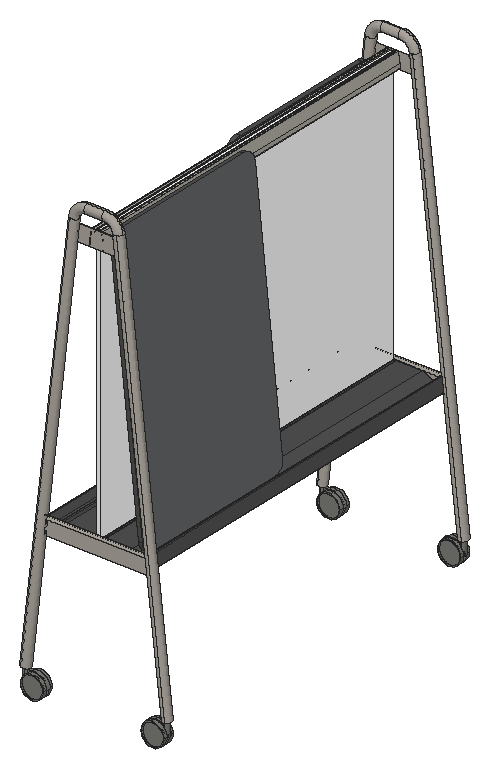
Revit family "Work_Tools_&_Leg_Screens-Teknion-CQCWB_Routes_Work_Board-R2022", category Furniture, Revit 2022 (continued)
Automatic sketch dimensions
  Sweep 27 sketch curve to plane 6 "Back" = 0.000"
  plane 5 "Right" to Sweep 27 sketch curve = 2.46585"
  Sweep 27 sketch curve to plane 6 "Back" = 0.565"
  profile plane to Sweep 27 sketch curve = 0.00391"
  profile plane to Sweep 27 sketch curve = 1.14732"
  plane 5 "Right" to Sweep 28 sketch curve = 0.77782"
  level to Sweep 28 sketch curve = 4.27503"
  level to Sweep 28 sketch curve = 1.9534"
  profile plane to Sweep 28 sketch curve = 0.00179"
  Sweep 28 sketch curve to profile plane = 10.50525"
  Sweep 29 sketch curve to plane 6 "Back" = 1.215"
  plane 5 "Right" to Sweep 29 sketch curve = 2.45803"
  Sweep 29 sketch curve to Sweep 29 sketch curve = 0.565"
  profile plane to Sweep 29 sketch curve = 0.00391"
  profile plane to Sweep 29 sketch curve = 1.14732"
  Sweep 30 sketch curve to plane 6 "Back" = 1.605"
  plane 5 "Right" to Sweep 30 sketch curve = 2.48906"
  Sweep 30 sketch curve to Sweep 30 sketch curve = 0.175"
  Sweep 30 sketch curve to profile plane = 0.03901"
  profile plane to Sweep 30 sketch curve = 1.14732"
  Sweep 31 sketch curve to plane 6 "Back" = 0.000"
  plane 5 "Right" to Sweep 31 sketch curve = 2.48906"
  Sweep 31 sketch curve to Sweep 31 sketch curve = 0.175"
  profile plane to Sweep 31 sketch curve = 0.03901"
  profile plane to Sweep 31 sketch curve = 1.14732"
  Sweep 32 sketch curve to plane 6 "Back" = 1.175"
  Sweep 32 sketch curve to plane 6 "Back" = 0.605"
  plane 5 "Right" to Sweep 32 sketch curve = 2.83301"
  Sweep 32 sketch curve to Sweep 32 sketch curve = 0.000"  (x2)
  profile plane to Sweep 32 sketch curve = 0.31879"
  profile plane to Sweep 32 sketch curve = 2.45938"
  Sweep 32 sketch curve to Sweep 32 sketch curve = 0.12643"
  Sweep 32 sketch curve to Sweep 32 sketch curve = 0.52753"
  profile plane to Sweep 32 sketch curve = 0.86576"
  profile plane to Sweep 32 sketch curve = 0.37656"
  Sweep 32 sketch curve to Sweep 32 sketch curve = 0.0055"
  Sweep 32 sketch curve to Sweep 32 sketch curve = 0.11544"
  Sweep 33 sketch curve to plane 3 "Center Left/Right" = 0.000"
  Sweep 33 sketch curve to plane 7 "Front" = 1.390"
  Sweep 33 sketch curve to plane 6 "Back" = 1.390"
  Sweep 33 sketch curve to Sweep 33 sketch curve = 0.000"  (x13)
  profile plane to Sweep 33 sketch curve = 8.92367"
  Sweep 33 sketch curve to Sweep 33 sketch curve = 0.04952"  (x4)
  Sweep 33 sketch curve to Sweep 33 sketch curve = 0.04315"
  Sweep 33 sketch curve to Sweep 33 sketch curve = 0.05148"  (x2)
  Sweep 33 sketch curve to Sweep 33 sketch curve = 0.13784"
  Sweep 33 sketch curve to Sweep 33 sketch curve = 0.04756"  (x2)
  Sweep 33 sketch curve to Sweep 33 sketch curve = 0.0995"  (x2)
  Sweep 33 sketch curve to Sweep 33 sketch curve = 0.0932"  (x2)
  Sweep 33 sketch curve to Sweep 33 sketch curve = 0.04455"  (x4)
  Sweep 33 sketch curve to Sweep 33 sketch curve = 0.76785"  (x2)
  Sweep 33 sketch curve to Sweep 33 sketch curve = 0.3756"  (x2)
  Sweep 33 sketch curve to Sweep 33 sketch curve = 0.19478"  (x2)
  Sweep 33 sketch curve to Sweep 33 sketch curve = 0.0231"  (x2)
  Sweep 33 sketch curve to Sweep 33 sketch curve = 1.94287"
  Sweep 33 sketch curve to Sweep 33 sketch curve = 0.01232"  (x2)
  profile plane to Sweep 33 sketch curve = 0.92388"
  Sweep 33 sketch curve to Sweep 33 sketch curve = 0.3953"  (x2)
  Sweep 33 sketch curve to Sweep 33 sketch curve = 0.030"  (x4)
  Sweep 33 sketch curve to Sweep 33 sketch curve = 0.1047"
  Sweep 33 sketch curve to profile plane = 0.39612"
  Sweep 33 sketch curve to Sweep 33 sketch curve = 4.51768"
  Sweep 33 sketch curve to Sweep 33 sketch curve = 1.93209"
  Sweep 33 sketch curve to Sweep 33 sketch curve = 0.44124"
  Sweep 33 sketch curve to Sweep 33 sketch curve = 0.04511"
  level to Sweep 33 sketch curve = 25.65691"
  Sweep 33 sketch curve to Sweep 33 sketch curve = 0.00499"  (x2)
  Sweep 33 sketch curve to Sweep 33 sketch curve = 0.44797"  (x2)
  Sweep 33 sketch curve to Sweep 33 sketch curve = 0.50667"  (x2)
  Sweep 33 sketch curve to Sweep 33 sketch curve = 0.03979"
  Sweep 33 sketch curve to Sweep 33 sketch curve = 0.04185"  (x2)
  Sweep 33 sketch curve to Sweep 33 sketch curve = 0.18942"  (x2)
  Sweep 33 sketch curve to Sweep 33 sketch curve = 0.8175"  (x2)
  Sweep 33 sketch curve to Sweep 33 sketch curve = 0.0747"
  Sweep 33 sketch curve to Sweep 33 sketch curve = 1.06669"
  Sweep 33 sketch curve to Sweep 33 sketch curve = 0.0478"  (x2)
  Sweep 33 sketch curve to Sweep 33 sketch curve = 0.01002"  (x2)
  Sweep 33 sketch curve to Sweep 33 sketch curve = 0.00479"  (x2)
  Sweep 34 sketch curve to plane 6 "Back" = 0.7147"
  plane 4 "Left" to Sweep 34 sketch curve = 3.66307"
  plane 5 "Right" to Sweep 34 sketch curve = 3.65319"
  Sweep 34 sketch curve to Sweep 34 sketch curve = 0.000"  (x3)
  Sweep 34 sketch curve to profile plane = 0.000"
  profile plane to Sweep 34 sketch curve = 0.3003"
  Sweep 34 sketch curve to Sweep 34 sketch curve = 0.0747"
  level to Sweep 34 sketch curve = 25.35509"
  Sweep 34 sketch curve to Sweep 34 sketch curve = 2.375"
  Sweep 35 sketch curve to plane 7 "Front" = 1.3153"
  plane 4 "Left" to Sweep 35 sketch curve = 3.65544"
  plane 5 "Right" to Sweep 35 sketch curve = 3.66082"
  Sweep 35 sketch curve to Sweep 35 sketch curve = 0.000"  (x3)
  Sweep 35 sketch curve to profile plane = 0.000"
  profile plane to Sweep 35 sketch curve = 0.3003"
  Sweep 35 sketch curve to Sweep 35 sketch curve = 0.0747"
  level to Sweep 35 sketch curve = 25.35509"
  Sweep 35 sketch curve to Sweep 35 sketch curve = 2.375"
  plane 1 "Center Front/Back" to Sweep 36 sketch curve = 0.000"
  Sweep 36 sketch curve to plane 3 "Center Left/Right" = 0.35762"
  plane 3 "Center Left/Right" to Sweep 36 sketch curve = 0.35762"
  profile plane to Sweep 36 sketch curve = 30.9029"
  Sweep 36 sketch curve to profile plane = 30.77747"
  level to Sweep 36 sketch curve = 26.76541"
  Sweep 36 sketch curve to Sweep 36 sketch curve = 47.46704"
  Sweep 37 sketch curve to plane 3 "Center Left/Right" = 0.000"
  Sweep 37 sketch curve to plane 7 "Front" = 0.890"
  Sweep 37 sketch curve to plane 6 "Back" = 0.9647"
  Sweep 37 sketch curve to Sweep 37 sketch curve = 0.000"  (x16)
  profile plane to Sweep 37 sketch curve = 1.14568"
  Sweep 37 sketch curve to Sweep 37 sketch curve = 0.0478"  (x3)
  Sweep 37 sketch curve to Sweep 37 sketch curve = 0.030"  (x7)
  profile plane to Sweep 37 sketch curve = 0.92919"
  Sweep 37 sketch curve to Sweep 37 sketch curve = 0.04743"
  Sweep 37 sketch curve to Sweep 37 sketch curve = 0.02977"
  profile plane to Sweep 37 sketch curve = 0.37348"
  profile plane to Sweep 37 sketch curve = 0.35788"
  Sweep 37 sketch curve to profile plane = 0.26792"
  Sweep 37 sketch curve to profile plane = 0.36012"
  Sweep 37 sketch curve to Sweep 37 sketch curve = 0.47852"
  Sweep 37 sketch curve to Sweep 37 sketch curve = 0.03027"
  Sweep 37 sketch curve to Sweep 37 sketch curve = 0.04693"
  Sweep 37 sketch curve to Sweep 37 sketch curve = 0.710"
  level to Sweep 37 sketch curve = 71.68524"
  Sweep 37 sketch curve to Sweep 37 sketch curve = 0.74422"  (x2)
  Sweep 37 sketch curve to Sweep 37 sketch curve = 0.00298"  (x2)
  Sweep 37 sketch curve to Sweep 37 sketch curve = 1.44268"
  Sweep 37 sketch curve to Sweep 37 sketch curve = 0.20443"
  Sweep 37 sketch curve to Sweep 37 sketch curve = 0.2047"
  Sweep 37 sketch curve to Sweep 37 sketch curve = 0.00027"
  Sweep 38 sketch curve to plane 4 "Left" = 6.29263"
  Sweep 38 sketch curve to level = 26.87481"
  Sweep 38 sketch curve to Sweep 38 sketch curve = 0.70891"
  Sweep 38 sketch curve to Sweep 38 sketch curve = 0.07628"
  Sweep 38 sketch curve to profile plane = 0.000"
  profile plane to Sweep 38 sketch curve = 2.000"  (x2)
  plane 1 "Center Front/Back" to Sweep 38 sketch curve = 1.22138"
  Sweep 38 sketch curve to plane 1 "Center Front/Back" = 0.77862"
  Sweep 38 sketch curve to Sweep 38 sketch curve = 43.500"
  Sweep 38 sketch curve to Sweep 38 sketch curve = 2.000"
  Sweep 38 sketch curve to Sweep 38 sketch curve = 25.500"
  plane 5 "Right" to Sweep 39 sketch curve = 6.29038"
  level to Sweep 39 sketch curve = 26.87481"
  Sweep 39 sketch curve to Sweep 39 sketch curve = 0.70891"
  Sweep 39 sketch curve to Sweep 39 sketch curve = 0.07628"
  Sweep 39 sketch curve to profile plane = 0.000"
  Sweep 39 sketch curve to Sweep 39 sketch curve = 2.000"  (x2)
  Sweep 39 sketch curve to profile plane = 2.000"
  plane 1 "Center Front/Back" to Sweep 39 sketch curve = 2.68181"
  Sweep 39 sketch curve to Sweep 39 sketch curve = 43.500"
  Sweep 39 sketch curve to Sweep 39 sketch curve = 0.000"
  Sweep 39 sketch curve to Sweep 39 sketch curve = 25.500"
  plane 5 "Right" to Sweep 40 sketch curve = 6.29038"
  level to Sweep 40 sketch curve = 26.87481"
  Sweep 40 sketch curve to Sweep 40 sketch curve = 0.70891"
  Sweep 40 sketch curve to Sweep 40 sketch curve = 0.07628"
  Sweep 40 sketch curve to profile plane = 0.000"
  Sweep 40 sketch curve to Sweep 40 sketch curve = 2.000"  (x2)
  Sweep 40 sketch curve to profile plane = 2.000"
  plane 1 "Center Front/Back" to Sweep 40 sketch curve = 2.68181"
  Sweep 40 sketch curve to Sweep 40 sketch curve = 43.500"
  Sweep 40 sketch curve to Sweep 40 sketch curve = 0.000"
  Sweep 40 sketch curve to Sweep 40 sketch curve = 25.500"
  Sweep 41 sketch curve to plane 4 "Left" = 6.29263"
  Sweep 41 sketch curve to level = 26.87481"
  Sweep 41 sketch curve to Sweep 41 sketch curve = 0.70891"
  Sweep 41 sketch curve to Sweep 41 sketch curve = 0.07628"
  Sweep 41 sketch curve to profile plane = 0.000"
  profile plane to Sweep 41 sketch curve = 2.000"  (x2)
  plane 1 "Center Front/Back" to Sweep 41 sketch curve = 1.22138"
  Sweep 41 sketch curve to plane 1 "Center Front/Back" = 0.77862"
  Sweep 41 sketch curve to Sweep 41 sketch curve = 43.500"
  Sweep 41 sketch curve to Sweep 41 sketch curve = 2.000"
  Sweep 41 sketch curve to Sweep 41 sketch curve = 25.500"
  plane 4 "Left" to Masking region 1 sketch curve = 0.66465"
  Masking region 1 sketch curve to plane 6 "Back" = 0.14732"
  plane 4 "Left" to Masking region 1 sketch curve = 0.71441"
  plane 5 "Right" to Masking region 1 sketch curve = 0.71441"
  Masking region 1 sketch curve to Masking region 1 sketch curve = 0.04975"
  Masking region 1 sketch curve to Masking region 1 sketch curve = 1.49833"
  Masking region 1 sketch curve to Masking region 1 sketch curve = 0.74833"  (x2)
  Masking region 2 sketch curve to plane 6 "Back" = 0.000"
  plane 4 "Left" to Masking region 2 sketch curve = 0.50006"  (x2)
  Masking region 2 sketch curve to Masking region 2 sketch curve = 0.18622"  (x2)
  plane 4 "Left" to Masking region 2 sketch curve = 0.71961"
  Masking region 2 sketch curve to Masking region 2 sketch curve = 0.000"
  Masking region 2 sketch curve to Masking region 2 sketch curve = 3.04813"
  Masking region 2 sketch curve to Masking region 2 sketch curve = 0.6894"
  Masking region 2 sketch curve to plane 6 "Back" = 0.14732"
  Masking region 2 sketch curve to Masking region 2 sketch curve = 0.1794"
  Masking region 2 sketch curve to Masking region 2 sketch curve = 0.00177"
  Masking region 2 sketch curve to Masking region 2 sketch curve = 0.7162"
  Masking region 2 sketch curve to Masking region 2 sketch curve = 0.13435"
  Masking region 3 sketch curve to plane 6 "Back" = 0.000"
  Masking region 3 sketch curve to plane 6 "Back" = 0.14732"
  Masking region 3 sketch curve to plane 6 "Back" = 0.1794"
  Masking region 3 sketch curve to Masking region 3 sketch curve = 0.74828"
  Masking region 3 sketch curve to Masking region 3 sketch curve = 0.00177"
  plane 5 "Right" to Masking region 3 sketch curve = 0.50006"  (x2)
  Masking region 3 sketch curve to Masking region 3 sketch curve = 0.7162"
  Masking region 3 sketch curve to plane 6 "Back" = 1.64565"
  Masking region 3 sketch curve to Masking region 3 sketch curve = 0.13435"
  Masking region 3 sketch curve to Masking region 3 sketch curve = 0.18622"  (x2)
  Masking region 3 sketch curve to Masking region 3 sketch curve = 3.04813"
  Masking region 3 sketch curve to Masking region 3 sketch curve = 0.6894"
  Masking region 4 sketch curve to plane 7 "Front" = 1.63265"
  plane 4 "Left" to Masking region 4 sketch curve = 3.73442"
  plane 5 "Right" to Masking region 4 sketch curve = 3.73171"
  Masking region 4 sketch curve to plane 6 "Back" = 1.64565"
  plane 4 "Left" to Masking region 5 sketch curve = 5.58373"
  Masking region 5 sketch curve to Masking region 5 sketch curve = 0.21396"  (x3)
  plane 1 "Center Front/Back" to Masking region 5 sketch curve = 1.22138"
  Masking region 5 sketch curve to plane 3 "Center Left/Right" = 1.49787"  (x2)
  Masking region 5 sketch curve to plane 1 "Center Front/Back" = 0.77862"  (x2)
  Masking region 5 sketch curve to plane 6 "Back" = 5.93418"
  Masking region 5 sketch curve to Masking region 5 sketch curve = 0.000"
  Masking region 5 sketch curve to Masking region 5 sketch curve = 2.000"
  plane 3 "Center Left/Right" to Masking region 6 sketch curve = 1.28616"
  plane 1 "Center Front/Back" to Masking region 6 sketch curve = 0.68181"
  plane 3 "Center Left/Right" to Masking region 6 sketch curve = 1.50012"  (x2)
  Masking region 6 sketch curve to Masking region 6 sketch curve = 5.36257"  (x2)
  Masking region 6 sketch curve to plane 7 "Front" = 2.03099"
  Masking region 6 sketch curve to Masking region 6 sketch curve = 0.21396"
  Masking region 6 sketch curve to Masking region 6 sketch curve = 2.000"  (x4)
  plane 4 "Left" to Masking region 7 sketch curve = 0.66465"
  Masking region 7 sketch curve to plane 7 "Front" = 1.64565"
  Masking region 7 sketch curve to plane 7 "Front" = 0.14732"
  plane 4 "Left" to Masking region 7 sketch curve = 0.71441"
  plane 5 "Right" to Masking region 7 sketch curve = 0.71441"
  Masking region 7 sketch curve to Masking region 7 sketch curve = 0.04975"
  Masking region 7 sketch curve to Masking region 7 sketch curve = 0.00167"
  Masking region 7 sketch curve to Masking region 7 sketch curve = 0.74833"
  plane 7 "Front" to Masking region 8 sketch curve = 0.000"
  Masking region 8 sketch curve to Masking region 8 sketch curve = 0.14732"
  Masking region 8 sketch curve to Masking region 8 sketch curve = 0.1794"
  Masking region 8 sketch curve to Masking region 8 sketch curve = 0.74828"
  Masking region 8 sketch curve to Masking region 8 sketch curve = 0.00177"
  plane 4 "Left" to Masking region 8 sketch curve = 0.50006"  (x2)
  Masking region 8 sketch curve to Masking region 8 sketch curve = 0.7162"
  Masking region 8 sketch curve to plane 7 "Front" = 1.64565"
  Masking region 8 sketch curve to Masking region 8 sketch curve = 0.13435"
  Masking region 8 sketch curve to Masking region 8 sketch curve = 0.18622"  (x2)
  Masking region 8 sketch curve to Masking region 8 sketch curve = 3.04813"
  Masking region 8 sketch curve to Masking region 8 sketch curve = 0.6894"
  plane 7 "Front" to Masking region 9 sketch curve = 0.000"
  plane 5 "Right" to Masking region 9 sketch curve = 0.50006"  (x2)
  Masking region 9 sketch curve to Masking region 9 sketch curve = 0.18622"  (x2)
  plane 5 "Right" to Masking region 9 sketch curve = 0.71961"
  Masking region 9 sketch curve to Masking region 9 sketch curve = 0.000"
  Masking region 9 sketch curve to Masking region 9 sketch curve = 3.04813"
  Masking region 9 sketch curve to Masking region 9 sketch curve = 0.6894"
  Masking region 9 sketch curve to Masking region 9 sketch curve = 0.14732"
  Masking region 9 sketch curve to Masking region 9 sketch curve = 0.1794"
  Masking region 9 sketch curve to Masking region 9 sketch curve = 0.00177"
  Masking region 9 sketch curve to Masking region 9 sketch curve = 0.7162"
  Masking region 9 sketch curve to Masking region 9 sketch curve = 0.13435"
  plane 4 "Left" to curve 58 = 0.37363"
  plane 4 "Left" to curve 30 = 0.37363"
  curve 29 to curve 26 = 0.12643"
  curve 56 to curve 50 = 0.12643"
  curve 28 to curve 24 = 0.12643"
  curve 53 to plane 6 "Back" = 0.16438"
  curve 57 to curve 53 = 0.12643"
  curve 82 to plane 7 "Front" = 0.640"
  curve 25 to curve 82 = 3.15537"
  curve 77 to plane 6 "Back" = 0.640"
  curve 53 to curve 77 = 3.163"
  curve 78 to curve 51 = 0.76075"
  curve 82 to curve 27 = 0.76838"
  curve 54 to curve 50 = 0.000"
  curve 81 to curve 21 = 0.76838"
  curve 54 to curve 59 = 0.11545"
  curve 26 to curve 31 = 0.11545"
  curve 19 to plane 7 "Front" = 0.87938"
  curve 19 to plane 3 "Center Left/Right" = 3.76284"
  curve 5 to plane 6 "Back" = 0.87938"
  curve 5 to plane 3 "Center Left/Right" = 3.76284"
  curve 13 to plane 3 "Center Left/Right" = 1.99282"
  plane 3 "Center Left/Right" to curve 16 = 1.99507"
  curve 6 to plane 6 "Back" = 0.87938"
  plane 3 "Center Left/Right" to curve 6 = 3.76284"
  curve 20 to plane 7 "Front" = 0.87938"
  curve 16 to curve 20 = 1.76777"
  curve 67 to plane 6 "Back" = 1.175"
  curve 6 to curve 67 = 4.35602"
  curve 39 to plane 7 "Front" = 1.175"
  curve 20 to curve 39 = 4.35602"
  curve 69 to curve 65 = 0.11545"
  curve 67 to curve 62 = 0.11545"
  curve 41 to curve 38 = 0.11545"
  curve 39 to curve 32 = 0.11545"
  curve 37 to curve 84 = 0.763"
  curve 61 to curve 80 = 0.77063"
  plane 5 "Right" to curve 64 = 0.50006"
  plane 5 "Right" to curve 33 = 0.50006"
  curve 36 to plane 7 "Front" = 0.16438"
  plane 5 "Right" to curve 36 = 0.50006"
  plane 5 "Right" to curve 61 = 0.50006"
  curve 64 to curve 68 = 0.12643"
  curve 33 to curve 39 = 0.12643"
  curve 25 to plane 7 "Front" = 0.16438"
  curve 26 to plane 7 "Front" = 0.565"
  curve 38 to plane 7 "Front" = 0.565"
  curve 25 to curve 30 = 0.040"
  curve 36 to curve 41 = 0.040"
  curve 29 to curve 29 = 0.570"
  curve 39 to curve 35 = 0.040"
  curve 28 to curve 24 = 0.040"
  curve 83 to curve 84 = 0.750"
  curve 22 to curve 21 = 0.565"
  curve 33 to curve 34 = 0.565"
  curve 20 to curve 16 = 3.15161"
  plane 1 "Center Front/Back" to curve 16 = 2.68181"
  curve 13 to plane 1 "Center Front/Back" = 0.77862"
  curve 13 to curve 5 = 5.05479"
  curve 62 to curve 67 = 0.605"
  curve 51 to curve 77 = 1.140"
  curve 49 to curve 79 = 0.390"
  curve 49 to curve 50 = 0.565"
  curve 62 to curve 67 = 0.040"
  curve 50 to curve 56 = 0.040"
  curve 56 to curve 58 = 0.570"
  curve 67 to curve 70 = 0.570"
  curve 58 to curve 55 = 0.040"
  curve 69 to curve 66 = 0.040"
  curve 64 to plane 6 "Back" = 0.16438"
  curve 52 to curve 71 = 0.21434"
  curve 24 to curve 43 = 0.21434"
  curve 71 to curve 71 = 0.23661"
  curve 43 to curve 43 = 0.23661"
  curve 81 to curve 21 = 0.07898"
  curve 78 to curve 49 = 0.07135"
  curve 7 to curve 5 = 1.67871"
  curve 73 to curve 5 = 0.22793"
  curve 45 to curve 19 = 0.22793"
  curve 5 to curve 73 = 0.00867"
  curve 19 to curve 46 = 0.00867"
  curve 74 to curve 73 = 0.000"
  curve 45 to curve 46 = 0.000"  (x2)
  curve 73 to curve 73 = 0.23661"
  curve 45 to curve 46 = 0.23661"
  curve 14 to curve 13 = 0.21396"
  curve 15 to curve 15 = 0.21396"
  curve 10 to plane 3 "Center Left/Right" = 1.14568"
  curve 11 to plane 3 "Center Left/Right" = 0.29642"
  plane 3 "Center Left/Right" to curve 12 = 0.30004"
  curve 12 to curve 9 = 0.84788"
  curve 17 to curve 17 = 0.21396"
  curve 18 to curve 18 = 0.21396"
  curve 75 to curve 6 = 0.24528"
  curve 47 to curve 20 = 0.24528"
  curve 76 to curve 6 = 0.00867"
  curve 47 to curve 20 = 0.00867"
  curve 75 to curve 76 = 0.000"  (x2)
  curve 48 to curve 47 = 0.000"  (x2)
  curve 20 to curve 47 = 0.22793"
  curve 6 to curve 75 = 0.22793"
  curve 6 to curve 8 = 1.68096"
  curve 60 to curve 79 = 0.08123"
  curve 32 to curve 81 = 0.0736"
  curve 72 to curve 63 = 0.45095"
  curve 44 to curve 35 = 0.45095"
  curve 72 to plane 6 "Back" = 0.13268"
  curve 72 to curve 72 = 0.21434"
  curve 44 to plane 7 "Front" = 0.13268"
  curve 44 to curve 44 = 0.21434"
  curve 38 to plane 7 "Front" = 0.14732"
  curve 27 to plane 7 "Front" = 0.14732"
  curve 47 to plane 7 "Front" = 0.13268"
  curve 20 to curve 47 = 0.00329"
  curve 19 to plane 7 "Front" = 0.12938"
  curve 47 to plane 7 "Front" = 0.1715"
  curve 46 to plane 7 "Front" = 0.1715"
  curve 19 to curve 45 = 0.00329"
  curve 36 to curve 44 = 0.31768"
  curve 25 to curve 43 = 0.31768"
  curve 20 to curve 48 = 0.00329"
  curve 22 to curve 43 = 0.37885"
  curve 33 to curve 35 = 0.39857"
  curve 24 to curve 43 = 0.0191"
  curve 19 to curve 46 = 0.00329"
  curve 8 to plane 7 "Front" = 1.64491"
  curve 10 to plane 7 "Front" = 1.64783"
  curve 10 to curve 12 = 0.000"
  curve 12 to curve 9 = 0.000"  (x2)
  curve 11 to curve 12 = 0.000"  (x2)
  curve 7 to plane 7 "Front" = 1.65013"
  curve 9 to curve 17 = 0.38316"
  plane 1 "Center Front/Back" to curve 15 = 1.22138"
  plane 1 "Center Front/Back" to curve 18 = 0.68181"
  curve 14 to curve 14 = 2.000"
  curve 8 to plane 6 "Back" = 1.64565"
  curve 11 to plane 6 "Back" = 1.64565"
  curve 10 to curve 11 = 0.000"
  curve 7 to plane 6 "Back" = 1.64565"
  curve 74 to curve 5 = 0.75329"
  curve 73 to curve 74 = 0.000"
  curve 71 to curve 50 = 0.41768"
  curve 6 to curve 6 = 0.750"
  curve 74 to curve 5 = 0.00329"  (x2)
  curve 71 to curve 52 = 0.0191"
  curve 63 to curve 61 = 0.39857"
  curve 6 to curve 75 = 0.03553"
  curve 63 to curve 72 = 0.01972"
  curve 71 to curve 71 = 0.03882"
  curve 73 to curve 73 = 0.03882"
  curve 76 to curve 6 = 0.00329"  (x2)
  curve 66 to plane 6 "Back" = 0.14732"
  curve 55 to plane 6 "Back" = 0.14732"
  radius of Sweep 1 sketch curve = 0.750"
  radius of Sweep 2 sketch curve = 0.750"
  radius of Sweep 3 sketch curve = 0.750"
  radius of Sweep 5 sketch curve = 1.96188"
  radius of Sweep 7 sketch curve = 0.40398"
  radius of Sweep 8 sketch curve = 1.96188"
  radius of Sweep 9 sketch curve = 1.85693"
  radius of Sweep 10 sketch curve = 1.85693"
  radius of Sweep 11 sketch curve = 1.96188"
  radius of Sweep 12 sketch curve = 0.40398"
  radius of Sweep 13 sketch curve = 1.96188"
  radius of Sweep 14 sketch curve = 1.85693"
  radius of Sweep 15 sketch curve = 1.85693"
  radius of Sweep 16 sketch curve = 0.750"
  radius of Sweep 17 sketch curve = 0.750"
  radius of Sweep 18 sketch curve = 0.750"
  radius of Sweep 21 sketch curve = 1.96188"
  radius of Sweep 23 sketch curve = 0.40398"
  radius of Sweep 24 sketch curve = 1.96188"
  radius of Sweep 25 sketch curve = 1.85693"
  radius of Sweep 26 sketch curve = 1.85693"
  radius of Sweep 27 sketch curve = 1.96188"
  radius of Sweep 28 sketch curve = 0.40398"
  radius of Sweep 29 sketch curve = 1.96188"
  radius of Sweep 30 sketch curve = 1.85693"
  radius of Sweep 31 sketch curve = 1.85693"
Nested families (in)
  nested 1: "Teknion_2D_Node_Family-R2020" at (-0.32293, -0.92931, 0), type "Teknion_2D_Node_Family-R2020"
Definition of nested family "Teknion_2D_Node_Family-R2020"
  Reference planes (in)
    plane 1 "Center (Front/Back)": y = 0
    plane 2: z = 0
    plane 3 "Center (Left/Right)": x = 0
  Lines and regions (in)
    detail lines, in view "Ref. Level"
      curve 1: circle (0, 0, 0) r 1.25 normal (0, 0, 1)
      curve 2: line (1.91508, -1.91508, 0) -> (-1.91508, 1.91508, 0)
      curve 3: line (-1.91508, -1.91508, 0) -> (1.91508, 1.91508, 0)
Types (5): name | Tackboard Fabric | Right Whiteboard Add On Board | Right Tackboard Add On Board | Model | Left Whiteboard Add On | Left Tackboard Add On | Description | 2D Add On Board
  (no name) | Upholstery_Fabric-Teknion-ZK54-Re_Wool_2-Grade_8-0797 | no | yes | "CQCWBT7764" | no | yes | "Routes Work Board, Two Tackboard Add Ons, 77\" Height, 64\" Width" | yes
  One Whiteboard Add Ons & One Tackboard Add Ons, 77" h x 64" w | none | no | yes | "CQCWBU7764" | yes | no | "Routes Work Board, One Whiteboard Add Ons & One Tackboard Add Ons, 77\" Height, 64\" Width" | yes
  No Add Ons, 77" h x 64" w | none | no | no | "CQCWBN7764" | no | no | "Routes Work Board, No Add Ons, 77\" Height, 64\" Width" | no
  Two Tackboard Add Ons, 77" h x 64" w | Upholstery_Fabric-Teknion-ZK54-Re_Wool_2-Grade_8-0797 | no | yes | "CQCWBT7764" | no | yes | "Routes Work Board, Two Tackboard Add Ons, 77\" Height, 64\" Width" | yes
  Two Whiteboard Add Ons, 77" h x 64" w | none | yes | no | "CQCWBW7764" | yes | no | "Routes Work Board, Two Whiteboard Add Ons, 77\" Height, 64\" Width" | yes
